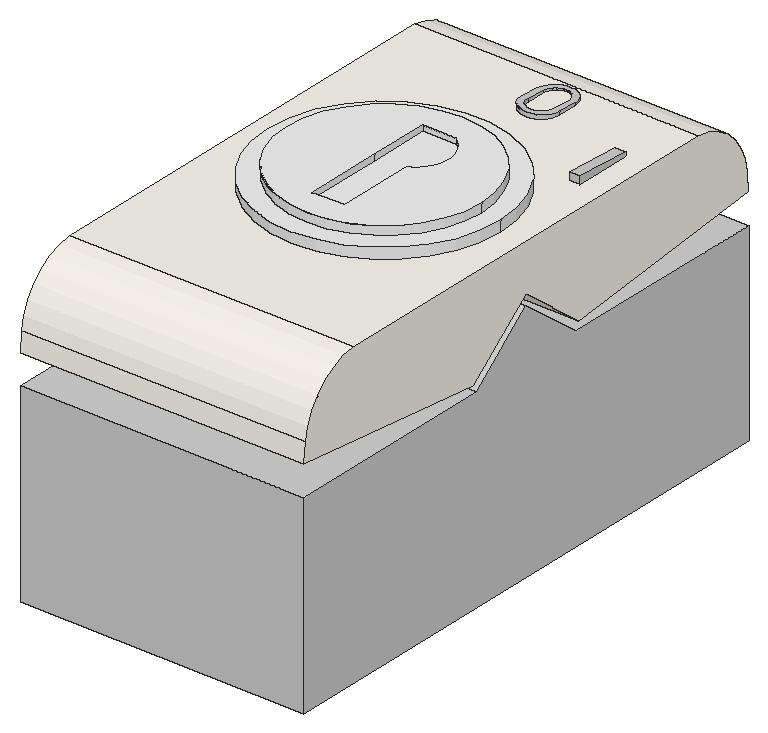
Revit family "Domotics-DomesticRanges-GEWISS-CHORUS_COMMAND-PUSH-BUTTON_KEY", category Apparecchi elettrici, host Superficie, Revit 2016
Family settings
  Host = Superficie
  Mantenere orientamento annotazione = Sì
  Tipo di parte = Normale
  Quota connettore circolare = Usa diametro
  Numero OmniClass = 23.80.50.11.14
  Titolo OmniClass = Switches
  Taglio con vuoti quando caricato = Sì
  Condiviso = Sì
  Punto di calcolo locali = Sì
Parameters (values of type "GW14145 - Titanium")
  Wiring terminals = "With screw"
  Voltage: = "250 V ac"
  Voltage = "250 V ac"
  Vista di pianta [instance] = yes
  Version file RFA = "19.0"
  URL = "https://www.gewiss.com/ww/en"
  Type = "With key"
  Tipo_ = CHORUS PULSANTI CHIAVE_BASE : GW14145 - Titanio
  Thermo-pressure with ball = "125 °C"
  Terminal tightening capacity rigid cables (mm2) = "min. 0,5 - max. 2x2,5"
  Terminal tightening capacity flexible cables (mm2) = "min. 0,75 - max. 2x4"
  Terminal grip on cable traction = "> 50 N"
  Technical sheet = "https://www.gewiss.com/ww/en/search?q=GW14145"
  Standard; = "EN 60669-1"
  Simbolo_ = SIMBOLO PULSANTI : PULSCHIAVE
  SIMBOLO [instance] = yes
  SEO = "Push button"
  Resistance at test voltage = "2000 V at 50 Hz for 1 minute"
  Realized by GEWISS S.p.A. = ""
  Prolonged operation (no.of position changes) = "40.000 at In 250 V ac cosØ=0,6"
  Produttore = "GEWISS S.p.A."
  Offset pulsante [instance] = 0 mm
  Offset bidimensionale [instance] = 2 mm
  Number of poles = "2P"
  No. Chorus modules = "1"
  Modello = "GW14145"
  Larghezza pulsante = 23 mm
  Insulation resistance = "> 5 MOhm"
  IFC.TypeObject = ""
  IFC.ExportType = ""
  IFC.ExportAs = ""
  IDT = "35582b85-b638-43e4-b97c-50c41eb5cacb"
  IDF = "5fd6d463-05ee-4339-a18f-7d27da771289"
  Glow Wire Test = "850°C"
  Electrocod = "0130"
  EAN code = "8011564265974"
  Distanza_x [instance] = 0 mm
  Distanza_effettiva_x [instance] = 1500 mm - Distanza_x  # 1500 mm
  Default Elevation = 1219.2 mm
  Immagine tipo = GW14145.jpg
  Descrizione = "PUSH-BUTTON 1M 2P NO 10A+KEY TITANIUM"
  Description: = "2P NO - 10A"
  Colour = "Titanium"
  Category = "Push-button"
  Catalogue Range = "CHORUS - DOMESTIC RANGE"
  Catalogue = "DOMOTICS"
  COBie.Tagnumber = ""
  COBie.CreatedOn = ""
  COBie.CreatebBy = ""
  COBie.ComponentRegisterItemID = ""
  COBie.Component.TagNumber = ""
  COBie.Component.Space = ""
  COBie.Component.SerialNumber = ""
  COBie.Component.InstallationDate = ""
  COBie.Component.Description = ""
  COBie.Component.BarCode = ""
  Button key = "With key"
  Breaking capacity: = "1.25 In (200 position changes)"
Types (3, lengths in mm): name | Tipo_ | Technical sheet | Modello | IDT | EAN code | Immagine tipo | Descrizione | Colour
  GW10145 - White | CHORUS PULSANTI CHIAVE_BASE : GW10145 - Bianco | "https://www.gewiss.com/ww/en/search?q=GW10145" | "GW10145" | "a9d94393-1f56-4272-a9c5-1ae6cd761671" | "8011564261877" | GW10145.jpg | "PUSH-BUTTON, 1M 2P NO 10A+KEY, WHITE" | "White"
  GW12145 - Black | CHORUS PULSANTI CHIAVE_BASE : GW12145 - Nero | "https://www.gewiss.com/ww/en/search?q=GW12145" | "GW12145" | "b3ab68cd-f105-4723-a194-8af7e6bc6966" | "8011564268067" | GW12145.jpg | "PUSH-BUTTON 1M 2P NO 10A+KEY, BLACK" | "Black"
  GW14145 - Titanium | CHORUS PULSANTI CHIAVE_BASE : GW14145 - Titanio | "https://www.gewiss.com/ww/en/search?q=GW14145" | "GW14145" | "35582b85-b638-43e4-b97c-50c41eb5cacb" | "8011564265974" | GW14145.jpg | "PUSH-BUTTON 1M 2P NO 10A+KEY TITANIUM" | "Titanium"
Reference planes
  plane 1 "Centro (Fronte/Retro)": y = 0
  plane 2: z = 0
  plane 3 "Centro (Sinistra/Destra)": x = 0
  plane 4: z = 0
  plane 5 "piano bidimensionale": z = 28
  plane 6: x = 0
  plane 7: x = -11.5
  plane 8: x = 11.5
  plane 9: z = 26
  plane 10: x = -1500
Lines and regions (mm)
  Masking region 1, visible <- "Vista di pianta"
    outline origin (0, 0, 0) x (1, 0, 0) y (0, 0, 1)
      loop
        line (-11.5, 26) -> (-11.5, 0) -> (11.5, 0) -> (11.5, 26) -> (-11.5, 26)
  model lines, style "pulsanti", detail levels coarse
    curve 1: line (-11.5, 22.5, 28) -> (11.5, 22.5, 28)
    curve 2: line (-11.5, -22.5, 28) -> (-11.5, 22.5, 28)
    curve 3: line (11.5, -22.5, 28) -> (-11.5, -22.5, 28)
    curve 4: line (11.5, 22.5, 28) -> (11.5, -22.5, 28)
    curve 5: arc (-9.447, 0, 28) -> (0, -9.447, 28) -> (9.447, 0, 28) r 9.447
    curve 6: arc (-7.891, 0, 28) -> (0, -7.891, 28) -> (7.891, 0, 28) r 7.891
    curve 7: arc (7.891, 0, 28) -> (0, 7.891, 28) -> (-7.891, 0, 28) r 7.891
    curve 8: arc (9.447, 0, 28) -> (0, 9.447, 28) -> (-9.447, 0, 28) r 9.447
    curve 9: arc (1.321, 0.666, 28) -> (2.778, 3.111, 28) -> (1.32, 5.555, 28) r 2.778
    curve 10: line (1.32, 5.555, 28) -> (-1.32, 5.555, 28)
    curve 11: line (-1.32, 5.555, 28) -> (-1.32, 0.665, 28)
    curve 12: line (-1.32, 0.665, 28) -> (-1.32, -5.649, 28)
    curve 13: line (1.321, -5.649, 28) -> (1.321, 0.666, 28)
    curve 14: line (-1.32, -5.649, 28) -> (1.321, -5.649, 28)
    curve 29: line (9.076, 12.461, 28) -> (9.076, 8.024, 28)
    curve 30: line (-0.185, 15.781, 28) -> (-0.185, 13.969, 28)
    curve 31: line (2.884, 15.781, 28) -> (2.884, 13.969, 28)
    curve 32: arc (-0.185, 15.781, 28) -> (1.35, 17.316, 28) -> (2.884, 15.781, 28) r 1.534
    curve 33: arc (-0.185, 13.969, 28) -> (1.35, 12.435, 28) -> (2.884, 13.969, 28) r 1.534
  model lines, style "pulsanti", not visible, detail levels coarse
    curve 15: line (-11.5, 22.5, -1103.2) -> (11.5, 22.5, -1103.2)
    curve 16: line (-11.5, -22.5, -1103.2) -> (-11.5, 22.5, -1103.2)
    curve 17: line (11.5, -22.5, -1103.2) -> (-11.5, -22.5, -1103.2)
    curve 18: line (11.5, 22.5, -1103.2) -> (11.5, -22.5, -1103.2)
    curve 19: arc (-9.447, 0, -1103.2) -> (0, -9.447, -1103.2) -> (9.447, 0, -1103.2) r 9.447
    curve 20: arc (-7.891, 0, -1103.2) -> (0, -7.891, -1103.2) -> (7.891, 0, -1103.2) r 7.891
    curve 21: arc (7.891, 0, -1103.2) -> (0, 7.891, -1103.2) -> (-7.891, 0, -1103.2) r 7.891
    curve 22: arc (9.447, 0, -1103.2) -> (0, 9.447, -1103.2) -> (-9.447, 0, -1103.2) r 9.447
    curve 23: arc (1.321, 0.666, -1103.2) -> (2.778, 3.111, -1103.2) -> (1.32, 5.555, -1103.2) r 2.778
    curve 24: line (1.32, 5.555, -1103.2) -> (-1.32, 5.555, -1103.2)
    curve 25: line (-1.32, 5.555, -1103.2) -> (-1.32, 0.665, -1103.2)
    curve 26: line (-1.32, 0.665, -1103.2) -> (-1.32, -5.649, -1103.2)
    curve 27: line (1.321, -5.649, -1103.2) -> (1.321, 0.666, -1103.2)
    curve 28: line (-1.32, -5.649, -1103.2) -> (1.321, -5.649, -1103.2)
    curve 34: line (9.076, 12.461, -1103.2) -> (9.076, 8.024, -1103.2)
    curve 35: line (-0.185, 15.781, -1103.2) -> (-0.185, 13.969, -1103.2)
    curve 36: line (2.884, 15.781, -1103.2) -> (2.884, 13.969, -1103.2)
    curve 37: arc (-0.185, 15.781, -1103.2) -> (1.35, 17.316, -1103.2) -> (2.884, 15.781, -1103.2) r 1.534
    curve 38: arc (-0.185, 13.969, -1103.2) -> (1.35, 12.435, -1103.2) -> (2.884, 13.969, -1103.2) r 1.534
Dimensions and locks
  "Offset pulsante": plane 4 to host face
  "Distanza_x": plane 6 to plane 3 "Centro (Sinistra/Destra)"
  equal spacing: plane 7, plane 3 "Centro (Sinistra/Destra)", plane 8
  "Larghezza pulsante": plane 7 to plane 8
  locked: plane 9 to plane 4 at 26
  "Distanza_effettiva_x": plane 10 to plane 6
  plane 10 to plane 3 "Centro (Sinistra/Destra)" = 1500 mm
  "Offset bidimensionale": plane 5 "piano bidimensionale" to plane 9
  aligned and locked: plane 2 to host face
  aligned and locked: level to host face
  aligned and locked: plane 5 "piano bidimensionale" to curve 4
  aligned and locked: nested 1 to plane 4
  aligned and locked: plane 6 to nested 2
  aligned and locked: Masking region 1 sketch curve to nested 1
  aligned and locked: Masking region 1 sketch curve to plane 9
  aligned and locked: plane 7 to Masking region 1 sketch curve
  aligned and locked: plane 4 to Masking region 1 sketch curve
Automatic sketch dimensions
  host sketch curve to host sketch curve = 2438.4 mm  (x2)
  curve 5 to curve 6 = 0 mm  (x3)
  curve 5 to curve 7 = 0 mm  (x3)
  curve 1 to curve 32 = 6.719 mm
  curve 32 to curve 33 = 1.812 mm
  curve 33 to curve 11 = 8.414 mm
  curve 10 to curve 9 = 2.445 mm
  curve 9 to curve 13 = 2.444 mm
  curve 9 to curve 12 = 0.001 mm
  curve 11 to curve 8 = 0.665 mm
  curve 5 to curve 14 = 5.649 mm
  curve 13 to curve 3 = 16.851 mm
  curve 1 to curve 10 = 10.18 mm
  curve 10 to curve 30 = 1.135 mm
  curve 11 to curve 7 = 1.32 mm
  curve 10 to curve 9 = 1.32 mm
  curve 10 to curve 10 = 2.639 mm
  curve 30 to curve 33 = 1.534 mm
  curve 13 to curve 3 = 10.179 mm
  curve 31 to curve 29 = 1.508 mm
  curve 29 to curve 29 = 4.437 mm
  curve 5 to curve 11 = 8.127 mm
  curve 8 to curve 6 = 1.556 mm
  curve 31 to curve 29 = 6.192 mm
  curve 5 to curve 8 = 0 mm  (x2)
  curve 6 to curve 7 = 0 mm  (x2)
  curve 6 to curve 8 = 0 mm  (x2)
  curve 7 to curve 8 = 0 mm  (x2)
  curve 19 to curve 20 = 0 mm  (x3)
  curve 19 to curve 21 = 0 mm  (x3)
  curve 15 to curve 37 = 6.719 mm
  curve 37 to curve 38 = 1.812 mm
  curve 38 to curve 25 = 8.414 mm
  curve 24 to curve 23 = 2.445 mm
  curve 23 to curve 27 = 2.444 mm
  curve 23 to curve 26 = 0.001 mm
  curve 25 to curve 22 = 0.665 mm
  curve 19 to curve 28 = 5.649 mm
  curve 27 to curve 17 = 16.851 mm
  curve 15 to curve 24 = 10.18 mm
  curve 24 to curve 35 = 1.135 mm
  curve 25 to curve 21 = 1.32 mm
  curve 24 to curve 23 = 1.32 mm
  curve 24 to curve 24 = 2.639 mm
  curve 35 to curve 38 = 1.534 mm
  curve 27 to curve 17 = 10.179 mm
  curve 36 to curve 34 = 1.508 mm
  curve 34 to curve 34 = 4.437 mm
  curve 19 to curve 25 = 8.127 mm
  curve 22 to curve 20 = 1.556 mm
  curve 36 to curve 34 = 6.192 mm
  curve 19 to curve 22 = 0 mm  (x2)
  curve 20 to curve 21 = 0 mm  (x2)
  curve 20 to curve 22 = 0 mm  (x2)
  curve 21 to curve 22 = 0 mm  (x2)
Nested families
  nested 1: "CHORUS PULSANTI CHIAVE_BASE" at (0, 0, 0), type <- "Tipo_", type "GW14145 - Titanio"
  nested 2: "SIMBOLO PULSANTI" at (0, 373.55, 0), type <- "Simbolo_", SIMBOLO <- "SIMBOLO", type "PULSCHIAVE"
    with TESTO ELETTRICO "", SIMBOLO yes, Distanza dal muro 2 mm, BORDO ACCESO yes
Connectors
  electrical at (0, 0, 0)
    settings: on nested 1, index 1, voltage 0 V, apparent load 0 VA, apparent load phase1 0 VA, apparent load phase2 0 VA, apparent load phase3 0 VA, power factor 1, load classification "Other", number of poles 1, system type 31, power factor state 1, is connector primary yes, connector utility no, sub classification motor no, connector description ""
Definition of nested family "CHORUS PULSANTI CHIAVE_BASE"
  Parameters (values of type "GW14145 - Titanio")
    Supporto = none
    Simboli Accensione = none
    Pulsante = none
    Profondità suporto = 15.673 mm
    Larghezza pulsante = 23 mm
    Chiave = none
    Bidimensionale = 36.414 mm
    Altezza pulsante = 45 mm
  Types (3): name
    GW12145 - Nero
    GW14145 - Titanio
    GW10145 - Bianco
  Reference planes
    plane 1 "Centro (Fronte/Retro)": y = 0
    plane 2: z = 0
    plane 3 "Centro (Sinistra/Destra)": x = 0
    plane 4: y = -22.5
    plane 5: y = 22.5
    plane 6: x = -11.5
    plane 7: x = 11.5
    plane 8: z = 15.673
    plane 9 "PIANO BIDIMENSIONALE": z = 36.414
    plane 10: z = 25.218
  Forms (mm)
    Extrusion 1, solid, material <- "Supporto", detail levels medium+fine
      sketch origin (0, 0, 0) x (0, 1, 0) y (0, 0, 1)
        loop
          line (-22.5, 0) -> (22.5, 0) -> (22.5, 15.673) -> (5, 15.673) -> (0, 19.673) -> (-5, 15.673) -> (-22.5, 15.673) -> (-22.5, 0)
      from -11.5 to 11.5
    Extrusion 2, solid, material <- "Pulsante", detail levels medium+fine
      sketch origin (0, -1.516, 0.116) x (0, 0.994522, -0.104528) y (0, 0.104528, 0.994522)
        loop
          line (-22.747, 15.673) -> (-5.514, 15.673) -> (-0.63, 20.499) -> (5.151, 16.793) -> (22.007, 20.376) -> (21.688, 21.878)
          arc (21.688, 21.878) -> (19.794, 24.951) -> (16.382, 26.13) r 5.368
          arc (16.382, 26.13) -> (-1.116, 25.123) -> (-18.441, 22.47) r 185.543
          arc (-18.441, 22.47) -> (-21.533, 20.607) -> (-22.747, 17.207) r 5.368
          line (-22.747, 17.207) -> (-22.747, 15.673)
      from -11.5 to 11.5
    Extrusion 3, solid, material <- "Pulsante", not visible, detail levels medium+fine
      sketch origin (0, 0, 0) x (0, 1, 0) y (0, 0, 1)
        loop
          line (-22.5, 15.673) -> (-5.8, 15.673) -> (0, 20.313) -> (6.657, 17.02) -> (22.519, 20.482) -> (22.148, 22.183)
          arc (22.148, 22.183) -> (19.948, 25.458) -> (16.125, 26.433) r 5.53
          arc (16.125, 26.433) -> (-1.159, 25.53) -> (-18.194, 22.47) r 137.99
          arc (-18.194, 22.47) -> (-21.286, 20.607) -> (-22.5, 17.207) r 5.368
          line (-22.5, 17.207) -> (-22.5, 15.673)
      from -11.5 to 11.5
    Extrusion 4, void, not visible, detail levels medium+fine
      sketch origin (0, 0, 0) x (0, 1, 0) y (0, 0, 1)
        loop
          arc (-20, 19.947) -> (-16.844, 20.738) -> (-13.67, 21.455) r 135.99
          line (-13.67, 21.455) -> (-13.67, 23.499)
          arc (-13.67, 23.499) -> (-15.936, 23.003) -> (-18.194, 22.47) r 137.99
          arc (-18.194, 22.47) -> (-19.13, 22.19) -> (-20, 21.745) r 5.368
          line (-20, 21.745) -> (-20, 19.947)
      from 3.779 to 10.113
    Extrusion 5, solid, material <- "Pulsante", not visible, detail levels medium+fine
      sketch origin (0, -125, 0) x (0, 1, 0) y (0, 0, 1)
        loop
          line (-22.5, 15.673) -> (-5.8, 15.673) -> (0, 20.313) -> (6.657, 17.02) -> (22.519, 20.482) -> (22.148, 22.183)
          arc (22.148, 22.183) -> (19.948, 25.458) -> (16.125, 26.433) r 5.53
          arc (16.125, 26.433) -> (-1.159, 25.53) -> (-18.194, 22.47) r 137.99
          arc (-18.194, 22.47) -> (-21.286, 20.607) -> (-22.5, 17.207) r 5.368
          line (-22.5, 17.207) -> (-22.5, 15.673)
      from -11.5 to 11.5
    Extrusion 6, void, not visible
      sketch origin (0, -125, 0) x (0, 1, 0) y (0, 0, 1)
        loop
          arc (-6.8, 24.76) -> (-12.521, 23.735) -> (-18.194, 22.47) r 137.99
          arc (-18.194, 22.47) -> (-19.13, 22.19) -> (-20, 21.745) r 5.368
          line (-20, 21.745) -> (-20, 19.947)
          arc (-20, 19.947) -> (-13.435, 21.505) -> (-6.8, 22.735) r 135.99
          line (-6.8, 22.735) -> (-6.8, 24.76)
      from 5.4 to 8.1
    Extrusion 7, solid, not visible, detail levels medium+fine
      sketch origin (0, -125, 0) x (0, 1, 0) y (0, 0, 1)
        loop
          arc (-20, 19.947) -> (-13.435, 21.505) -> (-6.8, 22.735) r 135.99
          line (-6.8, 22.735) -> (-6.8, 23.748)
          arc (-6.8, 23.748) -> (-13.434, 22.527) -> (-20, 20.98) r 136.99
          line (-20, 20.98) -> (-20, 19.947)
      from 5.4 to 8.1
    Extrusion 8, solid, material <- "Chiave", detail levels medium+fine
      sketch origin (0, 0, 36.414) x (-1, 0, 0) y (0, -1, 0)
        loop
          circle (0, 0) r 9.447
      from -13.105 to -11.196
    Extrusion 9, solid, material <- "Chiave", detail levels medium+fine
      sketch origin (0, 0, 36.414) x (-1, 0, 0) y (0, -1, 0)
        loop
          circle (0, 0) r 7.891
      from -11.196 to -10.5
    Extrusion 10, void, detail levels medium+fine
      sketch origin (0, 0, 36.414) x (-1, 0, 0) y (0, -1, 0)
        loop
          line (-1.321, 5.649) -> (-1.321, -0.666)
          arc (-1.321, -0.666) -> (-2.778, -3.111) -> (-1.32, -5.555) r 2.778
          line (-1.32, -5.555) -> (1.32, -5.555) -> (1.32, -0.665) -> (1.32, 5.649) -> (-1.321, 5.649)
      from -10.942 to -10.5
    Extrusion 11, solid, material <- "Chiave", not visible
      sketch origin (0, 0, 36.414) x (-1, 0, 0) y (0, -1, 0)
        loop
          circle (0, 0) r 9.447
      from -13.105 to -11.196
    Extrusion 12, solid, material <- "Chiave", not visible
      sketch origin (0, 0, 36.414) x (-1, 0, 0) y (0, -1, 0)
        loop
          circle (0, 0) r 7.891
      from -11.196 to -10.5
    Extrusion 13, void, not visible
      sketch origin (0, 0, 36.414) x (-1, 0, 0) y (0, -1, 0)
        loop
          line (-1.321, 5.649) -> (-1.321, -0.666)
          arc (-1.321, -0.666) -> (-2.778, -3.111) -> (-1.32, -5.555) r 2.778
          line (-1.32, -5.555) -> (1.32, -5.555) -> (1.32, -0.665) -> (1.32, 5.649) -> (-1.321, 5.649)
      from -10.566 to -10
    Extrusion 14, solid, material <- "Simboli Accensione", detail levels medium+fine
      sketch origin (0, 0.707, 37.121) x (-1, 0, 0) y (0, -0.998308, 0.058153)
        loop
          arc (-2.904, -15.677) -> (-1.361, -17.22) -> (0.182, -15.677) r 1.543
          line (0.182, -15.677) -> (0.182, -14.134)
          arc (0.182, -14.134) -> (-1.361, -12.591) -> (-2.904, -14.134) r 1.543
          line (-2.904, -14.134) -> (-2.904, -15.677)
        loop
          line (-0.318, -15.677) -> (-0.318, -14.134)
          arc (-0.318, -14.134) -> (-1.361, -13.091) -> (-2.404, -14.134) r 1.043
          line (-2.404, -14.134) -> (-2.404, -15.677)
          arc (-2.404, -15.677) -> (-1.361, -16.72) -> (-0.318, -15.677) r 1.043
        loop
          line (-9.529, -12.5) -> (-8.686, -12.5) -> (-8.686, -7.93) -> (-9.529, -7.93) -> (-9.529, -12.5)
      from -12.608 to -11.705
  Cuts and joins
    Extrusion 10 cuts Extrusion 9
  Lines and regions (mm)
    Masking region 1, not visible
      outline origin (40.306, 0, 36.414) x (-1, 0, 0) y (0, -1, 0)
        loop
          line (51.806, -22.5) -> (51.806, 22.5) -> (28.806, 22.5) -> (28.806, -22.5) -> (51.806, -22.5)
        loop
          line (34.906, 6.8) -> (34.906, 20) -> (32.206, 20) -> (32.206, 6.8) -> (34.906, 6.8)
    Masking region 2, not visible
      outline origin (40.306, 0, 36.414) x (-1, 0, 0) y (0, -1, 0)
        loop
          line (34.906, 6.8) -> (34.906, 20) -> (32.206, 20) -> (32.206, 6.8) -> (34.906, 6.8)
    Masking region 3, not visible
      outline origin (0, 0, 36.414) x (-1, 0, 0) y (0, -1, 0)
        loop
          line (51.806, -22.5) -> (51.806, 22.5) -> (28.806, 22.5) -> (28.806, -22.5) -> (51.806, -22.5)
        loop
          line (36.528, 13.67) -> (36.528, 20.004) -> (30.193, 20.004) -> (30.193, 13.67) -> (36.528, 13.67)
    Masking region 4, not visible
      outline origin (0, 0, 36.414) x (-1, 0, 0) y (0, -1, 0)
        loop
          line (36.528, 13.67) -> (36.528, 20.004) -> (30.193, 20.004) -> (30.193, 13.67) -> (36.528, 13.67)
    Masking region 5
      outline origin (37.181, 0, 36.414) x (-1, 0, 0) y (0, -1, 0)
        loop
          circle (37.181, 0) r 9.447
        loop
          circle (37.181, 0) r 7.891
    Masking region 6
      outline origin (37.181, 0, 36.414) x (-1, 0, 0) y (0, -1, 0)
        loop
          circle (37.181, 0) r 7.891
        loop
          line (38.501, -0.665) -> (38.501, 5.649) -> (35.86, 5.649) -> (35.86, -0.666)
          arc (35.86, -0.666) -> (34.403, -3.111) -> (35.862, -5.555) r 2.778
          line (35.862, -5.555) -> (38.501, -5.555) -> (38.501, -0.665)
    Masking region 7
      outline origin (37.181, 0, 36.414) x (-1, 0, 0) y (0, -1, 0)
        loop
          line (38.501, -5.555) -> (38.501, -0.665) -> (38.501, 5.649) -> (35.86, 5.649) -> (35.86, -0.666)
          arc (35.86, -0.666) -> (34.403, -3.111) -> (35.862, -5.555) r 2.778
          line (35.862, -5.555) -> (38.501, -5.555)
    Masking region 8
      outline origin (0, 0, 36.414) x (-1, 0, 0) y (0, -1, 0)
        loop
          line (11.5, -22.5) -> (11.5, 22.5) -> (-11.5, 22.5) -> (-11.5, -22.5) -> (11.5, -22.5)
        loop
          circle (0, 0) r 9.447
        loop
          arc (0.182, -14.134) -> (-1.361, -12.591) -> (-2.904, -14.134) r 1.543
          line (-2.904, -14.134) -> (-2.904, -15.677)
          arc (-2.904, -15.677) -> (-1.361, -17.22) -> (0.182, -15.677) r 1.543
          line (0.182, -15.677) -> (0.182, -14.134)
        loop
          arc (-2.404, -15.677) -> (-1.361, -16.72) -> (-0.318, -15.677) r 1.043
          line (-0.318, -15.677) -> (-0.318, -14.134)
          arc (-0.318, -14.134) -> (-1.361, -13.091) -> (-2.404, -14.134) r 1.043
          line (-2.404, -14.134) -> (-2.404, -15.677)
        loop
          line (-8.686, -12.5) -> (-8.686, -7.93) -> (-9.529, -7.93) -> (-9.529, -12.5) -> (-8.686, -12.5)
    Masking region 9
      outline origin (0, 0, 36.414) x (-1, 0, 0) y (0, -1, 0)
        loop
          line (0.182, -15.677) -> (0.182, -14.134)
          arc (0.182, -14.134) -> (-1.361, -12.591) -> (-2.904, -14.134) r 1.543
          line (-2.904, -14.134) -> (-2.904, -15.677)
          arc (-2.904, -15.677) -> (-1.361, -17.22) -> (0.182, -15.677) r 1.543
        loop
          arc (-0.318, -14.134) -> (-1.361, -13.091) -> (-2.404, -14.134) r 1.043
          line (-2.404, -14.134) -> (-2.404, -15.677)
          arc (-2.404, -15.677) -> (-1.361, -16.72) -> (-0.318, -15.677) r 1.043
          line (-0.318, -15.677) -> (-0.318, -14.134)
        loop
          line (-8.686, -12.5) -> (-8.686, -7.93) -> (-9.529, -7.93) -> (-9.529, -12.5) -> (-8.686, -12.5)
  Dimensions and locks
    equal spacing: plane 4, plane 1 "Centro (Fronte/Retro)", plane 5
    plane 4 to plane 5 = 45 mm
    equal spacing: plane 6, plane 3 "Centro (Sinistra/Destra)", plane 7
    "Larghezza pulsante": plane 6 to plane 7
    equal spacing: plane 5, plane 1 "Centro (Fronte/Retro)", plane 4
    "Altezza pulsante": plane 5 to plane 4
    "Profondità suporto": plane 8 to plane 2
    "Bidimensionale": plane 9 "PIANO BIDIMENSIONALE" to level
    aligned and locked: level to plane 2
    aligned and locked: Extrusion 1 sketch curve to plane 4
    aligned and locked: plane 5 to Extrusion 1 sketch curve
    aligned and locked: Extrusion 1 sketch curve to plane 2
    aligned and locked: Extrusion 1 to plane 6
    aligned and locked: plane 7 to Extrusion 1
    aligned and locked: Masking region 8 sketch curve to Extrusion 1  (x4)
    aligned and locked: Extrusion 8 to plane 10
    aligned and locked: Extrusion 9 to Extrusion 8
    aligned and locked: Extrusion 9 to Extrusion 10
  Automatic sketch dimensions
    Masking region 1 sketch curve to Masking region 1 sketch curve = 3.4 mm
    Masking region 1 sketch curve to Masking region 1 sketch curve = 2.7 mm
    Masking region 2 sketch curve to Masking region 2 sketch curve = 2.7 mm
    Masking region 1 sketch curve to Masking region 1 sketch curve = 23 mm
    Masking region 1 sketch curve to Masking region 1 sketch curve = 29.3 mm
    Masking region 1 sketch curve to Masking region 1 sketch curve = 13.2 mm
    Masking region 1 sketch curve to Masking region 1 sketch curve = 2.5 mm
    Masking region 2 sketch curve to Masking region 2 sketch curve = 13.2 mm
    Masking region 3 sketch curve to Masking region 3 sketch curve = 1.387 mm
    Masking region 3 sketch curve to Masking region 3 sketch curve = 6.335 mm  (x2)
    Masking region 3 sketch curve to Masking region 3 sketch curve = 23 mm
    Masking region 4 sketch curve to Masking region 4 sketch curve = 6.335 mm  (x2)
    Masking region 3 sketch curve to Masking region 3 sketch curve = 36.17 mm
    Masking region 3 sketch curve to Masking region 3 sketch curve = 2.496 mm
    plane 8 to Extrusion 1 sketch curve = 0 mm  (x2)
    Extrusion 1 sketch curve to plane 1 "Centro (Fronte/Retro)" = 0 mm
    Extrusion 1 sketch curve to plane 1 "Centro (Fronte/Retro)" = 5 mm
    Extrusion 1 sketch curve to plane 8 = 4 mm
    Extrusion 3 sketch curve to Extrusion 3 sketch curve = 1.243 mm
    Extrusion 4 sketch curve to Extrusion 4 sketch curve = 1.754 mm
    Extrusion 4 sketch curve to Extrusion 4 sketch curve = 0 mm  (x4)
    Extrusion 3 sketch curve to Extrusion 3 sketch curve = 5.368 mm
    Extrusion 3 sketch curve to Extrusion 3 sketch curve = 11.331 mm
    Extrusion 3 sketch curve to Extrusion 3 sketch curve = 5.8 mm
    Extrusion 3 sketch curve to Extrusion 3 sketch curve = 6.657 mm
    Extrusion 3 sketch curve to Extrusion 3 sketch curve = 8.016 mm
    Extrusion 3 sketch curve to Extrusion 3 sketch curve = 10.103 mm
    Extrusion 3 sketch curve to Extrusion 3 sketch curve = 5.388 mm
    Extrusion 3 sketch curve to Extrusion 3 sketch curve = 0.371 mm
    Extrusion 3 sketch curve to Extrusion 3 sketch curve = 127.222 mm
    Extrusion 3 sketch curve to Extrusion 3 sketch curve = 1.347 mm
    Extrusion 3 sketch curve to Extrusion 3 sketch curve = 1.535 mm
    Extrusion 3 sketch curve to Extrusion 3 sketch curve = 3.293 mm
    Extrusion 3 sketch curve to Extrusion 3 sketch curve = 3.462 mm
    Extrusion 3 sketch curve to Extrusion 3 sketch curve = 1.062 mm
    Extrusion 4 sketch curve to Extrusion 4 sketch curve = 2.868 mm
    Extrusion 4 sketch curve to Extrusion 4 sketch curve = 6.33 mm
    Extrusion 4 sketch curve to Extrusion 4 sketch curve = 31.805 mm
    Extrusion 4 sketch curve to Extrusion 4 sketch curve = 128.756 mm
    Extrusion 4 sketch curve to Extrusion 4 sketch curve = 2.739 mm
    Extrusion 4 sketch curve to Extrusion 4 sketch curve = 1.799 mm
    Extrusion 5 sketch curve to Extrusion 5 sketch curve = 1.243 mm
    Extrusion 7 sketch curve to Extrusion 7 sketch curve = 1.013 mm
    Extrusion 7 sketch curve to Extrusion 7 sketch curve = 0 mm  (x4)
    Extrusion 5 sketch curve to Extrusion 5 sketch curve = 5.368 mm
    Extrusion 5 sketch curve to Extrusion 5 sketch curve = 11.331 mm
    Extrusion 5 sketch curve to Extrusion 5 sketch curve = 5.8 mm
    Extrusion 5 sketch curve to Extrusion 5 sketch curve = 6.657 mm
    Extrusion 5 sketch curve to Extrusion 5 sketch curve = 8.016 mm
    Extrusion 5 sketch curve to Extrusion 5 sketch curve = 10.103 mm
    Extrusion 5 sketch curve to Extrusion 5 sketch curve = 5.388 mm
    Extrusion 5 sketch curve to Extrusion 5 sketch curve = 0.371 mm
    Extrusion 5 sketch curve to Extrusion 5 sketch curve = 127.222 mm
    Extrusion 5 sketch curve to Extrusion 5 sketch curve = 1.347 mm
    Extrusion 5 sketch curve to Extrusion 5 sketch curve = 1.535 mm
    Extrusion 5 sketch curve to Extrusion 5 sketch curve = 3.293 mm
    Extrusion 5 sketch curve to Extrusion 5 sketch curve = 3.462 mm
    Extrusion 5 sketch curve to Extrusion 5 sketch curve = 1.062 mm
    Extrusion 7 sketch curve to Extrusion 7 sketch curve = 13.2 mm
    Extrusion 7 sketch curve to Extrusion 7 sketch curve = 34.673 mm
    Extrusion 7 sketch curve to Extrusion 7 sketch curve = 131.496 mm
    Extrusion 6 sketch curve to Extrusion 6 sketch curve = 0 mm  (x4)
    Extrusion 6 sketch curve to Extrusion 6 sketch curve = 2.739 mm
    Extrusion 6 sketch curve to Extrusion 6 sketch curve = 1.799 mm
    Extrusion 6 sketch curve to Extrusion 6 sketch curve = 2.025 mm
    Extrusion 6 sketch curve to Extrusion 6 sketch curve = 2.868 mm
    Extrusion 6 sketch curve to Extrusion 6 sketch curve = 10.332 mm
    Extrusion 6 sketch curve to Extrusion 6 sketch curve = 31.805 mm
    Extrusion 6 sketch curve to Extrusion 6 sketch curve = 128.756 mm
    plane 1 "Centro (Fronte/Retro)" to Extrusion 1 sketch curve = 5 mm
    Extrusion 2 sketch curve to plane 4 = 0 mm
    Extrusion 2 sketch curve to plane 1 "Centro (Fronte/Retro)" = 0 mm  (x2)
    Extrusion 2 sketch curve to plane 5 = 0 mm
    Extrusion 2 sketch curve to plane 8 = 2.408 mm
    Extrusion 2 sketch curve to Extrusion 2 sketch curve = 5.368 mm
    Extrusion 2 sketch curve to Extrusion 2 sketch curve = 4.884 mm
    Extrusion 2 sketch curve to Extrusion 2 sketch curve = 5.781 mm
    Extrusion 2 sketch curve to Extrusion 2 sketch curve = 5.251 mm
    Extrusion 2 sketch curve to Extrusion 2 sketch curve = 0.319 mm
    Extrusion 2 sketch curve to Extrusion 2 sketch curve = 3.706 mm
    Extrusion 2 sketch curve to Extrusion 2 sketch curve = 1.535 mm
    Extrusion 2 sketch curve to Extrusion 2 sketch curve = 1.116 mm
    Extrusion 2 sketch curve to Extrusion 2 sketch curve = 1.062 mm
    Extrusion 2 sketch curve to Extrusion 2 sketch curve = 0.055 mm
    Extrusion 2 sketch curve to Extrusion 2 sketch curve = 0 mm  (x2)
    plane 1 "Centro (Fronte/Retro)" to Masking region 6 sketch curve = 0 mm
    plane 6 to Masking region 6 sketch curve = 11.5 mm
    Masking region 6 sketch curve to Masking region 6 sketch curve = 7.891 mm
    Masking region 6 sketch curve to plane 1 "Centro (Fronte/Retro)" = 0.665 mm
    Masking region 6 sketch curve to Masking region 6 sketch curve = 1.32 mm  (x2)
    plane 1 "Centro (Fronte/Retro)" to Masking region 6 sketch curve = 5.649 mm
    Masking region 6 sketch curve to Masking region 6 sketch curve = 2.639 mm
    Masking region 6 sketch curve to Masking region 6 sketch curve = 2.445 mm
    Masking region 6 sketch curve to plane 1 "Centro (Fronte/Retro)" = 0.666 mm
    Masking region 6 sketch curve to Masking region 6 sketch curve = 2.641 mm
    Masking region 7 sketch curve to plane 1 "Centro (Fronte/Retro)" = 5.555 mm
    plane 6 to Masking region 7 sketch curve = 10.18 mm
    Masking region 7 sketch curve to Masking region 7 sketch curve = 2.639 mm
    Masking region 7 sketch curve to plane 1 "Centro (Fronte/Retro)" = 0.665 mm
    plane 1 "Centro (Fronte/Retro)" to Masking region 7 sketch curve = 5.649 mm
    Masking region 7 sketch curve to Masking region 7 sketch curve = 2.641 mm
    Masking region 7 sketch curve to plane 1 "Centro (Fronte/Retro)" = 0.666 mm
    Masking region 7 sketch curve to Masking region 7 sketch curve = 1.32 mm
    Extrusion 10 sketch curve to Extrusion 10 sketch curve = 2.444 mm
    Extrusion 8 sketch curve to Extrusion 8 sketch curve = 9.447 mm
    Extrusion 9 sketch curve to Extrusion 9 sketch curve = 7.891 mm
    Extrusion 10 sketch curve to Extrusion 10 sketch curve = 0.002 mm
    Extrusion 10 sketch curve to Extrusion 10 sketch curve = 1.32 mm
    Extrusion 10 sketch curve to Extrusion 10 sketch curve = 2.639 mm
    Extrusion 10 sketch curve to Extrusion 10 sketch curve = 0.001 mm
    Extrusion 10 sketch curve to Extrusion 10 sketch curve = 6.315 mm
    Extrusion 13 sketch curve to Extrusion 13 sketch curve = 2.444 mm
    Extrusion 11 sketch curve to Extrusion 11 sketch curve = 9.447 mm
    Extrusion 12 sketch curve to Extrusion 12 sketch curve = 7.891 mm
    Extrusion 13 sketch curve to Extrusion 13 sketch curve = 0.002 mm
    Extrusion 13 sketch curve to Extrusion 13 sketch curve = 1.32 mm
    Extrusion 13 sketch curve to Extrusion 13 sketch curve = 2.639 mm
    Extrusion 13 sketch curve to Extrusion 13 sketch curve = 0.001 mm
    Extrusion 13 sketch curve to Extrusion 13 sketch curve = 6.315 mm
    Extrusion 8 sketch curve to Extrusion 8 sketch curve = 0 mm  (x2)
    plane 1 "Centro (Fronte/Retro)" to Extrusion 8 sketch curve = 0 mm
    Extrusion 8 sketch curve to plane 3 "Centro (Sinistra/Destra)" = 0 mm
    Extrusion 9 sketch curve to Extrusion 9 sketch curve = 0 mm  (x2)
    plane 1 "Centro (Fronte/Retro)" to Extrusion 9 sketch curve = 0 mm
    Extrusion 9 sketch curve to plane 3 "Centro (Sinistra/Destra)" = 0 mm
    Extrusion 10 sketch curve to plane 3 "Centro (Sinistra/Destra)" = 0 mm
    Extrusion 10 sketch curve to plane 1 "Centro (Fronte/Retro)" = 5.555 mm
    Extrusion 11 sketch curve to Extrusion 11 sketch curve = 0 mm  (x2)
    Extrusion 12 sketch curve to Extrusion 12 sketch curve = 0 mm  (x2)
    Masking region 9 sketch curve to plane 3 "Centro (Sinistra/Destra)" = 0.182 mm
    Masking region 9 sketch curve to plane 5 = 6.823 mm
    Masking region 9 sketch curve to Masking region 9 sketch curve = 1.543 mm
    plane 3 "Centro (Sinistra/Destra)" to Masking region 9 sketch curve = 1.361 mm
    Masking region 9 sketch curve to Masking region 9 sketch curve = 0 mm  (x3)
    plane 3 "Centro (Sinistra/Destra)" to Masking region 9 sketch curve = 0.318 mm
    Masking region 8 sketch curve to Masking region 8 sketch curve = 0 mm  (x3)
    plane 1 "Centro (Fronte/Retro)" to Masking region 8 sketch curve = 0 mm
    Masking region 8 sketch curve to plane 3 "Centro (Sinistra/Destra)" = 0 mm
    Masking region 8 sketch curve to plane 7 = 1.971 mm
    Masking region 8 sketch curve to Masking region 8 sketch curve = 0.844 mm
    plane 3 "Centro (Sinistra/Destra)" to Masking region 8 sketch curve = 2.904 mm
    Masking region 8 sketch curve to Masking region 8 sketch curve = 0.5 mm
    Masking region 8 sketch curve to Masking region 8 sketch curve = 1.043 mm
    Masking region 8 sketch curve to plane 5 = 6.823 mm
    Masking region 8 sketch curve to Masking region 8 sketch curve = 1.543 mm
    Masking region 8 sketch curve to plane 1 "Centro (Fronte/Retro)" = 7.93 mm
    Masking region 8 sketch curve to plane 7 = 2.053 mm
    Masking region 8 sketch curve to Masking region 8 sketch curve = 4.57 mm
    Masking region 9 sketch curve to plane 7 = 2.814 mm
    Masking region 9 sketch curve to Masking region 9 sketch curve = 1.634 mm
    Masking region 9 sketch curve to Masking region 9 sketch curve = 0.844 mm
    Masking region 9 sketch curve to Masking region 9 sketch curve = 4.57 mm
    Extrusion 14 sketch curve to Extrusion 14 sketch curve = 0 mm  (x4)
    Extrusion 14 sketch curve to plane 7 = 1.971 mm
    Extrusion 14 sketch curve to Extrusion 14 sketch curve = 0.844 mm
    plane 3 "Centro (Sinistra/Destra)" to Extrusion 14 sketch curve = 2.904 mm
    Extrusion 14 sketch curve to Extrusion 14 sketch curve = 0.5 mm
    Extrusion 14 sketch curve to Extrusion 14 sketch curve = 1.043 mm
    Extrusion 14 sketch curve to Extrusion 14 sketch curve = 1.543 mm
    Extrusion 14 sketch curve to Extrusion 14 sketch curve = 1.634 mm
    Extrusion 14 sketch curve to Extrusion 14 sketch curve = 4.57 mm
Definition of nested family "SIMBOLO PULSANTI"
  Parameters (values of type "PULSANTE")
    TESTO ELETTRICO [instance] = ""
    Simbolo = SIMBOLO PULSANTI_BASE : PULSANTE
    SIMBOLO [instance] = yes
    Distanza dal muro [instance] = 4.208 mm
    BORDO ACCESO [instance] = yes
  Types (8, lengths in mm): name | TESTO ELETTRICO | Simbolo
    PULSANTE | "" | SIMBOLO PULSANTI_BASE : PULSANTE
    PULSTIRANTE | "" | SIMBOLO PULSANTI_BASE : PULSTIRANTE
    PULSCHIAVE | "" | SIMBOLO PULSANTI_BASE : PULSCHIAVE
    TARGA | "" | SIMBOLO PULSANTI_BASE : TARGA
    RRNC | "A" | SIMBOLO PULSANTI_BASE : RRNC
    MARNO | "M" | SIMBOLO PULSANTI_BASE : MARNO
    LUM | "" | SIMBOLO PULSANTI_BASE : LUM
    DOPPIO | "" | SIMBOLO PULSANTI_BASE : DOPPIO
  Reference planes
    plane 1: y = 0
    plane 2: x = 0
  Lines and regions (mm)
    detail lines, visible <- "BORDO ACCESO", not visible
      curve 1: line (-2.25, 0.412, 0) -> (2.25, 0.412, 0)
      curve 2: line (2.25, 0.412, 0) -> (2.25, -5.588, 0)
      curve 3: line (2.25, -5.588, 0) -> (-2.25, -5.588, 0)
      curve 4: line (-2.25, -5.588, 0) -> (-2.25, 0.412, 0)
      curve 30: line (-1.85, 0.012, 0) -> (1.85, 0.012, 0)
      curve 31: line (1.85, 0.012, 0) -> (1.85, -5.188, 0)
      curve 32: line (1.85, -5.188, 0) -> (-1.85, -5.188, 0)
      curve 33: line (-1.85, -5.188, 0) -> (-1.85, 0.012, 0)
      curve 34: line (-2.25, 6, 0) -> (2.25, 6, 0)
      curve 35: line (2.25, 6, 0) -> (2.25, 0, 0)
      curve 36: line (2.25, 0, 0) -> (-2.25, 0, 0)
      curve 37: line (-2.25, 0, 0) -> (-2.25, 6, 0)
      curve 61: line (-1.85, 5.6, 0) -> (1.85, 5.6, 0)
      curve 62: line (1.85, 5.6, 0) -> (1.85, 0.4, 0)
      curve 63: line (1.85, 0.4, 0) -> (-1.85, 0.4, 0)
      curve 64: line (-1.85, 0.4, 0) -> (-1.85, 5.6, 0)
      curve 65: line (-2.443, 10.208, 0) -> (2.057, 10.208, 0)
      curve 66: line (2.057, 10.208, 0) -> (2.057, 4.208, 0)
      curve 67: line (2.057, 4.208, 0) -> (-2.443, 4.208, 0)
      curve 68: line (-2.443, 4.208, 0) -> (-2.443, 10.208, 0)
      curve 69: line (-2.043, 9.808, 0) -> (1.657, 9.808, 0)
      curve 70: line (1.657, 9.808, 0) -> (1.657, 4.608, 0)
      curve 71: line (1.657, 4.608, 0) -> (-2.043, 4.608, 0)
      curve 72: line (-2.043, 4.608, 0) -> (-2.043, 9.808, 0)
    detail lines, not visible
      curve 5: line (-9.473, -5.588, 0) -> (10.527, -5.588, 0)
      curve 6: circle (-0.56, -0.487, 0) r 0.969 normal (0, 0, 1)
      curve 7: line (-0.005, 0.306, 0) -> (0.852, 1.529, 0)
      curve 8: line (0.852, 1.529, 0) -> (1.529, 1.047, 0)
      curve 9: circle (-0.56, -315.487, 0) r 0.969 normal (0, 0, 1)
      curve 10: line (-0.005, -314.694, 0) -> (0.852, -313.471, 0)
      curve 11: line (0.852, -313.471, 0) -> (1.529, -313.953, 0)
      curve 12: line (-1.245, -314.803, 0) -> (0.124, -316.172, 0)
      curve 13: line (0.124, -314.803, 0) -> (-1.245, -316.172, 0)
      curve 14: circle (-0.56, -480.487, 0) r 0.969 normal (0, 0, 1)
      curve 15: line (-0.005, -479.694, 0) -> (0.852, -478.471, 0)
      curve 16: line (0.852, -478.471, 0) -> (1.529, -478.953, 0)
      curve 17: line (0.493, -478.983, 0) -> (1.167, -479.462, 0)
      curve 18: circle (-0.56, -880.487, 0) r 0.969 normal (0, 0, 1)
      curve 19: line (-0.005, -879.694, 0) -> (0.852, -878.471, 0)
      curve 20: line (0.852, -878.471, 0) -> (1.529, -878.953, 0)
      curve 21: line (-1.245, -879.803, 0) -> (0.124, -881.172, 0)
      curve 22: line (0.124, -879.803, 0) -> (-1.245, -881.172, 0)
      curve 23: line (0.493, -878.983, 0) -> (1.167, -879.462, 0)
      curve 24: circle (-0.56, -365.487, 0) r 0.969 normal (0, 0, 1)
      curve 25: line (-0.005, -364.694, 0) -> (0.852, -363.471, 0)
      curve 26: line (0.852, -363.471, 0) -> (1.529, -363.953, 0)
      curve 27: line (-0.56, -364.925, 0) -> (-0.56, -366.05, 0)
      curve 28: line (0.493, -363.983, 0) -> (1.167, -364.462, 0)
      curve 29: line (0, 3.621, 0) -> (0, -16.379, 0)
      curve 38: circle (-0.56, 2.417, 0) r 0.969 normal (0, 0, 1)
      curve 39: line (-0.005, 3.21, 0) -> (0.852, 4.433, 0)
      curve 40: line (0.852, 4.433, 0) -> (1.529, 3.951, 0)
      curve 41: circle (-0.56, 2.417, 0) r 0.969 normal (0, 0, 1)
      curve 42: line (-0.005, 3.21, 0) -> (0.852, 4.433, 0)
      curve 43: line (0.852, 4.433, 0) -> (1.529, 3.951, 0)
      curve 44: line (-1.245, 3.102, 0) -> (0.124, 1.732, 0)
      curve 45: line (0.124, 3.102, 0) -> (-1.245, 1.732, 0)
      curve 46: circle (-0.56, 2.417, 0) r 0.969 normal (0, 0, 1)
      curve 47: line (-0.005, 3.21, 0) -> (0.852, 4.433, 0)
      curve 48: line (0.852, 4.433, 0) -> (1.529, 3.951, 0)
      curve 49: circle (-0.56, 2.417, 0) r 0.969 normal (0, 0, 1)
      curve 50: line (-0.005, 3.21, 0) -> (0.852, 4.433, 0)
      curve 51: line (0.852, 4.433, 0) -> (1.529, 3.951, 0)
      curve 52: line (-1.245, 3.102, 0) -> (0.124, 1.732, 0)
      curve 53: line (0.124, 3.102, 0) -> (-1.245, 1.732, 0)
      curve 54: line (0.493, 3.921, 0) -> (1.167, 3.442, 0)
      curve 55: line (0.493, 3.921, 0) -> (1.167, 3.442, 0)
      curve 56: circle (-0.56, 2.417, 0) r 0.969 normal (0, 0, 1)
      curve 57: line (-0.005, 3.21, 0) -> (0.852, 4.433, 0)
      curve 58: line (0.852, 4.433, 0) -> (1.529, 3.951, 0)
      curve 59: line (-0.56, 2.979, 0) -> (-0.56, 1.854, 0)
      curve 60: line (0.493, 3.921, 0) -> (1.167, 3.442, 0)
      curve 73: line (-1.644, 2.848, 0) -> (1.644, 2.848, 0)
      curve 74: line (-1.644, 0.61, 0) -> (-1.644, 2.848, 0)
      curve 75: line (1.644, 0.61, 0) -> (-1.644, 0.61, 0)
      curve 76: line (1.644, 2.848, 0) -> (1.644, 0.61, 0)
      curve 77: line (-1.325, 0.987, 0) -> (1.325, 0.987, 0)
      curve 78: circle (0, 1.912, 0) r 0.5 normal (0, 0, 1)
      curve 79: circle (0, 1.912, 0) r 0.8 normal (0, 0, 1)
      curve 80: line (-1.325, 0.987, 0) -> (1.325, 0.987, 0)
      curve 81: line (-0.354, 2.265, 0) -> (0.354, 1.558, 0)
      curve 82: line (0.354, 2.265, 0) -> (-0.354, 1.558, 0)
  Dimensions and locks
    "Distanza dal muro": plane 1 to nested 1
    aligned and locked: curve 5 to curve 3
    aligned and locked: plane 2 to nested 1
  Nested families
    nested 1: "SIMBOLO PULSANTI_BASE" at (0, 4.208, 0), BORDO ACCESO <- "BORDO ACCESO", type <- "Simbolo", TESTO ELETTRICO <- "TESTO ELETTRICO", visible <- "SIMBOLO", type "PULSANTE"
      with TESTO ELETTRICO "", BORDO ACCESO yes
  Definition of nested family "SIMBOLO PULSANTI_BASE"
    Parameters (values of type "RRNC")
      TEXT = yes
      TESTO ELETTRICO [instance] = ""
      TARGA = no
      PULSANTECHIAVE = no
      PULSTIRANTE = no
      PULSANTE = yes
      LUM = no
      DOPPIO = no
      BORDO ACCESO [instance] = yes
    Types (8, lengths in mm): name | TEXT | TARGA | PULSANTECHIAVE | PULSTIRANTE | PULSANTE | LUM | DOPPIO
      PULSANTE | no | no | no | no | yes | no | no
      PULSTIRANTE | no | no | no | yes | yes | no | no
      PULSCHIAVE | no | no | yes | no | yes | no | no
      TARGA | no | yes | no | no | no | no | no
      RRNC | yes | no | no | no | yes | no | no
      MARNO | yes | no | no | no | yes | no | no
      LUM | no | no | no | no | no | yes | no
      DOPPIO | no | no | no | no | no | no | yes
    Reference planes
      plane 1: y = 0
      plane 2: x = 0
    Lines and regions (mm)
      detail lines, visible <- "PULSANTE"
        curve 1: circle (0, 1.258, 0) r 0.527 normal (0, 0, 1)
        curve 11: circle (0, 1.258, 0) r 0.394 normal (0, 0, 1)
      detail lines, visible <- "BORDO ACCESO", not visible
        curve 2: line (-1.943, 9.208, 0) -> (1.857, 9.208, 0)
        curve 3: line (1.857, 9.208, 0) -> (1.857, 4.208, 0)
        curve 4: line (1.857, 4.208, 0) -> (-1.943, 4.208, 0)
        curve 5: line (-1.943, 4.208, 0) -> (-1.943, 9.208, 0)
        curve 6: line (-1.743, 9.008, 0) -> (1.657, 9.008, 0)
        curve 7: line (1.657, 9.008, 0) -> (1.657, 4.408, 0)
        curve 8: line (1.657, 4.408, 0) -> (-1.743, 4.408, 0)
        curve 9: line (-1.743, 4.408, 0) -> (-1.743, 9.008, 0)
      detail lines, visible <- "PULSANTECHIAVE"
        curve 10: line (0, 1.559, 0) -> (0, 0.929, 0)
      detail lines, visible <- "PULSTIRANTE"
        curve 12: line (0, 0.732, 0) -> (0, 0.441, 0)
        curve 13: line (-0.162, 0.441, 0) -> (0.162, 0.441, 0)
        curve 14: line (-0.162, 0.441, 0) -> (0, 0.16, 0)
        curve 15: line (0, 0.16, 0) -> (0.162, 0.441, 0)
      detail lines, visible <- "TARGA"
        curve 16: line (-0.866, 1.843, 0) -> (0.866, 1.843, 0)
        curve 17: line (-0.866, 0.665, 0) -> (-0.866, 1.843, 0)
        curve 18: line (0.866, 0.665, 0) -> (-0.866, 0.665, 0)
        curve 19: line (0.866, 1.843, 0) -> (0.866, 0.665, 0)
        curve 20: line (-0.698, 0.863, 0) -> (0.698, 0.863, 0)
        curve 21: circle (0, 1.35, 0) r 0.263 normal (0, 0, 1)
        curve 22: circle (0, 1.35, 0) r 0.421 normal (0, 0, 1)
        curve 23: line (-0.698, 0.863, 0) -> (0.698, 0.863, 0)
        curve 24: line (-0.186, 1.536, 0) -> (0.186, 1.164, 0)
        curve 25: line (0.186, 1.536, 0) -> (-0.186, 1.164, 0)
      detail lines, visible <- "TARGA", not visible
        curve 26: line (-1.644, 2.848, 0) -> (1.644, 2.848, 0)
        curve 27: line (-1.644, 0.61, 0) -> (-1.644, 2.848, 0)
        curve 28: line (1.644, 0.61, 0) -> (-1.644, 0.61, 0)
        curve 29: line (1.644, 2.848, 0) -> (1.644, 0.61, 0)
        curve 30: line (-1.325, 0.987, 0) -> (1.325, 0.987, 0)
        curve 31: circle (0, 1.912, 0) r 0.5 normal (0, 0, 1)
        curve 32: circle (0, 1.912, 0) r 0.8 normal (0, 0, 1)
        curve 33: line (-1.325, 0.987, 0) -> (1.325, 0.987, 0)
        curve 34: line (-0.354, 2.265, 0) -> (0.354, 1.558, 0)
        curve 35: line (0.354, 2.265, 0) -> (-0.354, 1.558, 0)
        curve 59: line (-0.866, 3.093, 0) -> (0.866, 3.093, 0)
        curve 60: line (-0.866, 1.915, 0) -> (-0.866, 3.093, 0)
        curve 61: line (0.866, 1.915, 0) -> (-0.866, 1.915, 0)
        curve 62: line (0.866, 3.093, 0) -> (0.866, 1.915, 0)
        curve 63: line (-0.698, 2.113, 0) -> (0.698, 2.113, 0)
        curve 64: circle (0, 2.6, 0) r 0.263 normal (0, 0, 1)
        curve 65: circle (0, 2.6, 0) r 0.421 normal (0, 0, 1)
        curve 66: line (-0.698, 2.113, 0) -> (0.698, 2.113, 0)
        curve 67: line (-0.186, 2.786, 0) -> (0.186, 2.414, 0)
        curve 68: line (0.186, 2.786, 0) -> (-0.186, 2.414, 0)
      detail lines, visible <- "LUM"
        curve 36: circle (0, 1.258, 0) r 0.527 normal (0, 0, 1)
        curve 37: circle (0, 1.258, 0) r 0.394 normal (0, 0, 1)
        curve 38: line (0.279, 0.979, 0) -> (-0.279, 1.537, 0)
        curve 39: line (-0.279, 0.979, 0) -> (0.279, 1.537, 0)
      detail lines, visible <- "LUM", not visible
        curve 40: circle (0, -4.588, 0) r 1 normal (0, 0, 1)
        curve 41: circle (0, -4.588, 0) r 0.749 normal (0, 0, 1)
        curve 42: line (0.53, -5.117, 0) -> (-0.53, -4.058, 0)
        curve 43: line (-0.53, -5.117, 0) -> (0.53, -4.058, 0)
        curve 69: circle (0, 2.508, 0) r 0.527 normal (0, 0, 1)
        curve 70: circle (0, 2.508, 0) r 0.394 normal (0, 0, 1)
        curve 71: line (0.279, 2.229, 0) -> (-0.279, 2.787, 0)
        curve 72: line (-0.279, 2.229, 0) -> (0.279, 2.787, 0)
      detail lines, visible <- "DOPPIO"
        curve 44: circle (0, 1.785, 0) r 0.527 normal (0, 0, 1)
        curve 45: circle (0, 1.785, 0) r 0.394 normal (0, 0, 1)
        curve 46: circle (0, 0.732, 0) r 0.527 normal (0, 0, 1)
        curve 47: circle (0, 0.732, 0) r 0.394 normal (0, 0, 1)
      detail lines, visible <- "DOPPIO", not visible
        curve 48: circle (0, -6.992, 0) r 1 normal (0, 0, 1)
        curve 49: circle (0, -6.992, 0) r 0.749 normal (0, 0, 1)
        curve 50: circle (0, -8.992, 0) r 1 normal (0, 0, 1)
        curve 51: circle (0, -8.992, 0) r 0.749 normal (0, 0, 1)
        curve 73: circle (0, 3.035, 0) r 0.527 normal (0, 0, 1)
        curve 74: circle (0, 3.035, 0) r 0.394 normal (0, 0, 1)
        curve 75: circle (0, 1.982, 0) r 0.527 normal (0, 0, 1)
        curve 76: circle (0, 1.982, 0) r 0.394 normal (0, 0, 1)
      detail lines, visible <- "PULSANTE", not visible
        curve 52: circle (0, 2.508, 0) r 0.527 normal (0, 0, 1)
        curve 54: circle (0, 2.508, 0) r 0.394 normal (0, 0, 1)
      detail lines, visible <- "PULSANTECHIAVE", not visible
        curve 53: line (0, 2.809, 0) -> (0, 2.179, 0)
      detail lines, visible <- "PULSTIRANTE", not visible
        curve 55: line (0, 1.982, 0) -> (0, 1.691, 0)
        curve 56: line (-0.162, 1.691, 0) -> (0.162, 1.691, 0)
        curve 57: line (-0.162, 1.691, 0) -> (0, 1.41, 0)
        curve 58: line (0, 1.41, 0) -> (0.162, 1.691, 0)
    Text (mm)
      label "TXT" at (0.016, 1.223, 0), shows "TESTO ELETTRICO", visible <- "TEXT"
      label "TXT" at (0.016, 2.473, 0), shows "TESTO ELETTRICO", visible <- "TEXT", not visible
